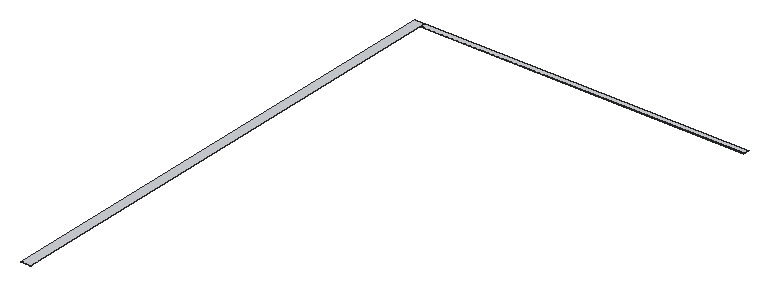
Revit family "Place Parking Interieur PMR", category Modèles génériques, Revit 2018
Family settings
  Peut héberger une armature = Non
  Cote de connecteur circulaire = Utiliser le diamètre
  Type d'élément = Normal
  Basée sur le plan de construction = Non
  Toujours verticalement = Oui
  Couper avec des vides une fois chargée = Non
  Partagée = Non
  Point de calcul de pièce = Non
Parameters
  Longueur place [instance] = 4800 mm
  Largeur place [instance] = 3250 mm
Reference planes
  plane 1 "Centre (avant/arrière)": y = 0
  plane 2: z = 0
  plane 3 "Centre (gauche/droite)": x = 0
  plane 4: x = 3250
  plane 5: y = -4800
Forms (mm)
  Extrusion 1, solid
    sketch origin (60, 0, 0) x (1, 0, 0) y (0, 1, 0)
      loop
        line (-60, 0) -> (-60, -4800) -> (40, -4800) -> (40, 0) -> (-60, 0)
    from 0 to 3
  Extrusion 2, solid
    sketch origin (0, 0, 0) x (1, 0, 0) y (0, 1, 0)
      loop
        line (100, 0) -> (100, -50) -> (3250, -50) -> (3250, 0) -> (100, 0)
    from 0 to 3
Lines and regions (mm)
  model lines
    curve 1: line (3250, 0, 0) -> (3250, -4800, 0)
Dimensions and locks
  locked: Extrusion 1 sketch curve to Extrusion 1 sketch curve at 100
  locked: Extrusion 2 sketch curve to Extrusion 2 sketch curve at 50
  "Largeur place": plane 3 "Centre (gauche/droite)" to plane 4
  "Longueur place": plane 1 "Centre (avant/arrière)" to plane 5
  aligned and locked: level to plane 2
  aligned and locked: Extrusion 1 to plane 3 "Centre (gauche/droite)"
  aligned and locked: plane 1 "Centre (avant/arrière)" to Extrusion 2 sketch curve
  aligned and locked: Extrusion 2 sketch curve to plane 4
  aligned and locked: plane 1 "Centre (avant/arrière)" to Extrusion 1 sketch curve
  aligned and locked: plane 5 to Extrusion 1 sketch curve
  aligned and locked: curve 1 to plane 4
Automatic sketch dimensions
  curve 1 to plane 5 = 0 mm
  plane 1 "Centre (avant/arrière)" to curve 1 = 0 mm
  Extrusion 1 sketch curve to plane 3 "Centre (gauche/droite)" = 0 mm
  plane 3 "Centre (gauche/droite)" to Extrusion 2 sketch curve = 100 mm
